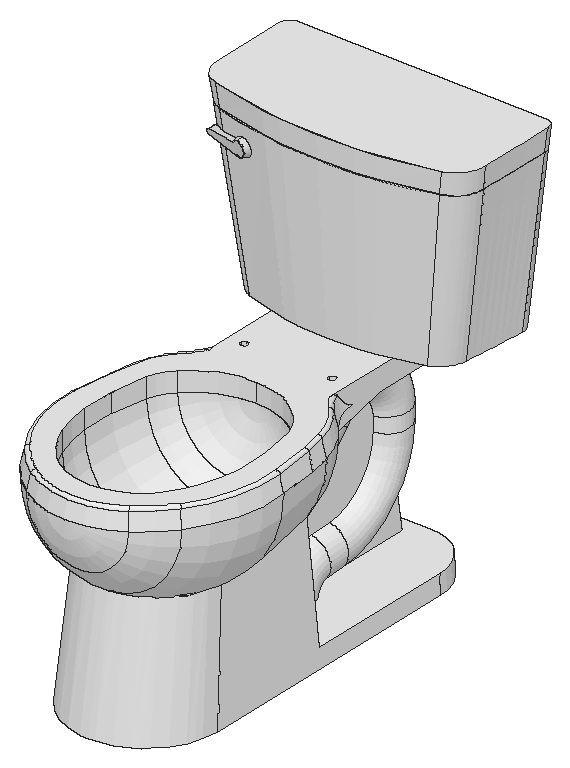
Revit family "Plumbing-Pressure-Assist-Water-Closet-Sloan-Valve-WETS-80098013_", category Plumbing Fixtures, host Face, Revit 2019
Family settings
  Host = Face
  Round Connector Dimension = Use Diameter
  Part Type = Normal
  OmniClass Number = 23.45.05.21.11.11
  OmniClass Title = Water Operated Water Closets
  Cut with Voids When Loaded = No
  Shared = No
  Room Calculation Point = No
Parameters (values of type "WETS-8009.8013")
  Width = 18 1/4"  # constant formula
  Water Closet Code = "2108009"
  Valve Pressure Drop = 0.00 psi
  Tank Code = "2108013"
  Sanitary Drain Connector Description = "Sanitary Drain Connector d2 1/8\""
  Sanitary Drain Connection Diameter = 2 1/8"  # constant formula
  Real Distance to Wall [instance] = if(Distance to Wall < 3/4", 3/4", Distance to Wall)  # 3/4"
  Waste Connection = yes
  WFU = 10
  Vent Connection = yes
  URL = "www.sloanvalve.com"
  Product data url = "https://bimobject.com/sloan_valve/product/pressure-assist-water-closets_sloan_wets-80098013"
  Product Material = Sloan Valve - Vitreous China - White
  Product Guid = ""
  Part Number = "WETS-8009.8013"
  Model = "WETS-8009.8013"
  Minimum Static Pressure = "20 PSI (138 kPa)"  # constant formula
  Maximum Static Pressure = "80 PSI (552 kPa)"  # constant formula
  Manufacturer = "Sloan Valve"  # constant formula
  Keynote = "15410"
  Height = 28 1/4"  # constant formula
  HWFU = 0
  HW Connection = yes
  Flush Rate = "1.6 gpf (6.0 Lpf)"
  Depth = 30 3/8"  # constant formula
  Cold Water Connector Description = "Cold Water Connector d1/2\""
  Cold Water Connection Diameter = 1/2"  # constant formula
  Edition number = 1
  Distance to Wall [instance] = 3/4"
  Description = "Floor-Mounted 1.6 gpf (6.0 Lpf) 12\" Rough-in Pressure-Assisted/Tank Toilet."
  Default Elevation = 0"
  CWFU = 10
  CW Connection = yes
  Assembly Code = "D2010"
  ADA Compliant [instance] = 1 = 2  # no
Reference planes
  plane 1 "Center (Front/Back)": y = 0
  plane 2: z = 0
  plane 3 "Center (Left/Right)": x = 0
  plane 4: x = -201.612
  plane 5: x = 201.613
  plane 6: y = -762.786
  plane 7: y = -19.05
  plane 8: x = -201.612
  plane 9: x = 201.613
  plane 10: y = -756.436
  plane 11: y = -12.7
Forms (mm)
  Blend 1, solid, material "Sloan Valve - Vitreous China - White" <- "Product Material"
    base sketch origin (0, 0, 0) x (1, 0, 0) y (0, 1, 0)
      loop
        arc (-34.925, -45.045) -> (-97.787, -71.084) -> (-123.825, -133.945) r 88.9
        line (-123.825, -133.945) -> (-123.825, -615.95)
        arc (-123.825, -615.95) -> (0, -739.775) -> (123.825, -615.95) r 123.825
        line (123.825, -615.95) -> (123.825, -133.945)
        arc (123.825, -133.945) -> (97.787, -71.084) -> (34.925, -45.045) r 88.9
        line (34.925, -45.045) -> (-34.925, -45.045)
    top sketch origin (0, 0, 0) x (1, 0, 0) y (0, 1, 0)
      loop
        arc (-109.537, -584.301) -> (0, -693.838) -> (109.537, -584.301) r 109.537
        line (109.537, -584.301) -> (109.537, -133.945)
        arc (109.537, -133.945) -> (83.499, -71.084) -> (20.637, -45.045) r 88.9
        line (20.637, -45.045) -> (-20.637, -45.045)
        arc (-20.637, -45.045) -> (-83.499, -71.084) -> (-109.537, -133.945) r 88.9
        line (-109.537, -133.945) -> (-109.537, -584.301)
    from 0 to 312.058
  Extrusion 2, solid, material "Sloan Valve - Vitreous China - White" <- "Product Material"
    sketch origin (0, 0, -25.4) x (0, 1, 0) y (0, 0, 1)
      loop
        line (-369.05, 348.14) -> (-241.882, 379.846) -> (-70.211, 379.846) -> (-64.931, 440.2) -> (-185.947, 440.2)
        arc (-185.947, 440.2) -> (-192.127, 425.28) -> (-207.047, 419.1) r 21.1
        line (-207.047, 419.1) -> (-369.05, 419.1) -> (-369.05, 348.14)
    from -104.047 to 104.047
  Sweep 3, solid, material "Sloan Valve - Vitreous China - White" <- "Product Material"
    path origin (0, 0, 0) x (0, 1, 0) y (0, 0, 1)
      loop
        line (-304.8, 0) -> (-304.8, 30.289)
        arc (-304.8, 30.289) -> (-293.174, 59.429) -> (-264.682, 72.564) r 42.333
        line (-264.682, 72.564) -> (-226.487, 74.566)
        arc (-226.487, 74.566) -> (-134.627, 116.914) -> (-97.145, 210.864) r 136.485
        line (-97.145, 210.864) -> (-97.145, 236.948)
        arc (-97.145, 236.948) -> (-144.28, 307.387) -> (-227.373, 290.682) r 76.2
        arc (-227.373, 290.682) -> (-233.15, 284.615) -> (-238.657, 278.301) r 192.236
        arc (-238.657, 278.301) -> (-334.604, 206.706) -> (-452.54, 186.145) r 257.901
    profile origin (0, -304.8, 15.145) x (0, -1, 0) y (1, 0, 0)
      loop
        circle (0, 0) r 38.1
  Extrusion 4, solid, material "Sloan Valve - Vitreous China - White" <- "Product Material"
    sketch origin (22.443, 0, 0) x (0, 1, 0) y (0, 0, 1)
      loop
        line (-68.2, 389.4) -> (-235.377, 389.4) -> (-261.569, 382.87) -> (-496.95, 175.082) -> (-484.132, 28.575) -> (-70.397, 28.575)
        arc (-70.397, 28.575) -> (-82.455, 126.803) -> (-68.088, 224.72) r 370.607
        arc (-68.088, 224.72) -> (-59.936, 265.377) -> (-58.507, 306.818) r 254
        arc (-58.507, 306.818) -> (-61.916, 348.278) -> (-68.2, 389.4) r 598.021
    from -28.793 to -16.093
  Extrusion 5, solid, not visible
    sketch origin (0, 0, 0) x (1, 0, 0) y (0, 0, 1)
      loop
        circle (-152.4, 254) r 6.35
    from 0 to 0.794
  Blend 6, solid, material "Sloan Valve - Vitreous China - White" <- "Product Material"
    base sketch origin (0, 0.822, 430.81) x (1, 0, 0) y (0, 1, 0)
      loop
        line (-196.16, -48.519) -> (-186.739, -156.202)
        arc (-186.739, -156.202) -> (-176.518, -182.59) -> (-153.766, -199.416) r 50.8
        arc (-153.766, -199.416) -> (0, -226.96) -> (153.766, -199.416) r 442.975
        arc (153.766, -199.416) -> (176.518, -182.59) -> (186.739, -156.202) r 50.8
        line (186.739, -156.202) -> (196.16, -48.519)
        arc (196.16, -48.519) -> (191.227, -33.989) -> (177.182, -27.809) r 19.05
        line (177.182, -27.809) -> (-177.182, -27.809)
        arc (-177.182, -27.809) -> (-191.227, -33.989) -> (-196.16, -48.519) r 19.05
    top sketch origin (0, 0.822, 430.81) x (1, 0, 0) y (0, 1, 0)
      loop
        arc (-212.725, -19.872) -> (-226.195, -25.451) -> (-231.775, -38.922) r 19.05
        line (-231.775, -38.922) -> (-231.775, -172.47)
        arc (-231.775, -172.47) -> (-221.507, -203.094) -> (-194.854, -221.338) r 50.8
        arc (-194.854, -221.338) -> (0, -248.472) -> (194.854, -221.338) r 713.209
        arc (194.854, -221.338) -> (221.507, -203.094) -> (231.775, -172.47) r 50.8
        line (231.775, -172.47) -> (231.775, -38.922)
        arc (231.775, -38.922) -> (226.195, -25.451) -> (212.725, -19.872) r 19.05
        line (212.725, -19.872) -> (-212.725, -19.872)
    from -37.11 to 286.74
  Extrusion 7, solid, material "Sloan Valve - Finish - Polished Chrome"
    sketch origin (-20.292, -269.587, 900.595) x (-0.97881, 0.203994, 0.017847) y (0, 0.087156, -0.996195)
      loop
        line (127, 257.261) -> (188.747, 261.579)
        arc (188.747, 261.579) -> (192.467, 265.466) -> (188.955, 269.542) r 4.001
        line (188.955, 269.542) -> (127, 277.149) -> (127, 257.261)
    from 0 to 12.7
  Revolve 8, solid, material "Sloan Valve - Finish - Polished Chrome"
    sketch origin (-369.854, -1316.287, 809.02) x (-0.204773, -0.975085, -0.085309) y (0, 0.087156, -0.996195)
      loop
        line (-1100.014, 265.639) -> (-1087.314, 265.639) -> (-1087.314, 277.803) -> (-1087.756, 278.482) -> (-1100.014, 282.465) -> (-1100.014, 265.639)
      axis (-1100.014, 265.639) -> (-1087.314, 265.639)
    angle from 0 to 360
  Revolve 9, solid, material "Sloan Valve - Vitreous China - White" <- "Product Material"
    sketch origin (0, -107.509, 360.363) x (1, 0, 0) y (0, 1, 0)
      loop
        line (0, -683.066) -> (0, -633.619)
        arc (0, -633.619) -> (-54.455, -620.155) -> (-96.361, -582.866) r 116.854
        arc (-96.361, -582.866) -> (-108.844, -562.27) -> (-118.928, -540.399) r 213.603
        arc (-118.928, -540.399) -> (-129.044, -507.813) -> (-134.203, -474.085) r 228.843
        arc (-134.203, -474.085) -> (-133.643, -413.542) -> (-122.68, -353.997) r 350.763
        arc (-122.68, -353.997) -> (-114.097, -332.991) -> (-100.788, -314.61) r 95.25
        arc (-100.788, -314.61) -> (-55.004, -282.028) -> (0, -270.524) r 137.251
        line (0, -270.524) -> (0, -209.239)
        arc (0, -209.239) -> (-18.194, -209.694) -> (-36.342, -211.057) r 364.157
        arc (-36.342, -211.057) -> (-122.715, -249.087) -> (-170.133, -330.684) r 152.4
        arc (-170.133, -330.684) -> (-180.229, -386.679) -> (-186.583, -443.221) r 855.912
        arc (-186.583, -443.221) -> (-178.018, -528.288) -> (-140.189, -604.962) r 240.102
        arc (-140.189, -604.962) -> (-116.352, -632.223) -> (-88.426, -655.277) r 223.457
        arc (-88.426, -655.277) -> (-46.345, -675.956) -> (0, -683.066) r 154.581
      axis (0, -209.239) -> (0, -683.066)
    angle from 0 to 180
  Extrusion 10, solid, material "Vitreous China-Sloan-White"
    sketch origin (0, -122.297, -1.685) x (1, 0, 0) y (0, 0, 1)
      loop
        arc (57.698, 221.011) -> (0.981, 212.195) -> (-56.307, 215.748) r 266.082
        line (-56.307, 215.748) -> (-39.243, 151.174)
        arc (-39.243, 151.174) -> (0, 120.954) -> (39.243, 151.174) r 40.59
        line (39.243, 151.174) -> (57.698, 221.011)
    from 346.299 to 429.496
  Blend 11, solid, material "Sloan Valve - Vitreous China - White" <- "Product Material"
    base sketch origin (0, -108.545, 375.1) x (1, 0, 0) y (0, 0, 1)
      loop
        line (25.325, -14.42) -> (-25.325, -14.42) -> (-25.325, -20.654)
        arc (-25.325, -20.654) -> (0, -45.979) -> (25.325, -20.654) r 25.325
        line (25.325, -20.654) -> (25.325, -14.42)
    top sketch origin (0, -108.545, 375.1) x (1, 0, 0) y (0, 0, 1)
      loop
        line (46.038, -14.42) -> (-46.037, -14.42) -> (-46.037, -23.887)
        arc (-46.037, -23.887) -> (0, -69.925) -> (46.038, -23.887) r 46.037
        line (46.038, -23.887) -> (46.038, -14.42)
    from 129.035 to 108.105
  Blend 12, solid, material "Sloan Valve - Vitreous China - White" <- "Product Material"
    base sketch origin (0, -108.545, 375.1) x (1, 0, 0) y (0, 0, 1)
      loop
        line (46.038, -14.42) -> (-46.037, -14.42) -> (-46.037, -23.887)
        arc (-46.037, -23.887) -> (0, -69.925) -> (46.038, -23.887) r 46.037
        line (46.038, -23.887) -> (46.038, -14.42)
    top sketch origin (0, -108.545, 375.1) x (1, 0, 0) y (0, 0, 1)
      loop
        line (46.038, -14.42) -> (-46.037, -14.42) -> (-46.037, -43.731)
        arc (-46.037, -43.731) -> (0, -89.769) -> (46.038, -43.731) r 46.038
        line (46.038, -43.731) -> (46.038, -14.42)
    from 108.105 to 38.1
  Sweep 13, solid, material "Sloan Valve - Vitreous China - White" <- "Product Material"
    path origin (0, -122.297, 0) x (0, 1, 0) y (0, 0, 1)
      loop
        arc (-352.549, 201.173) -> (-327.484, 201.16) -> (-302.744, 205.182) r 155.194
        arc (-302.744, 205.182) -> (-278.132, 217.142) -> (-260.549, 238.11) r 65.532
        arc (-260.549, 238.11) -> (-246.125, 268.805) -> (-234.718, 300.744) r 352.298
        arc (-234.718, 300.744) -> (-234.446, 301.431) -> (-234.066, 302.064) r 4.499
        arc (-234.066, 302.064) -> (-210.936, 321.963) -> (-181.277, 329.121) r 65.024
        line (-181.277, 329.121) -> (-115.283, 329.121)
    profile origin (0, -270.577, 329.121) x (0, 0, 1) y (1, 0, 0)
      loop
        line (25.325, -25.325) -> (25.325, 25.325)
        arc (25.325, 25.325) -> (0, 0) -> (25.325, -25.325) r 25.325
  Sweep 14, solid, material "Sloan Valve - Vitreous China - White" <- "Product Material"
    path origin (0, 0, 0) x (1, 0, 0) y (0, 1, 0)
      loop
        line (-104.047, -185.947) -> (-104.047, -295.646)
        arc (-104.047, -295.646) -> (-111.251, -333.222) -> (-131.841, -365.47) r 101.6
        arc (-131.841, -365.47) -> (-155.982, -399.201) -> (-170.133, -438.192) r 152.4
        arc (-170.133, -438.192) -> (-174.125, -457.895) -> (-177.652, -477.686) r 855.912
        arc (-177.652, -477.686) -> (-182.903, -514.112) -> (-186.583, -550.729) r 855.912
        arc (-186.583, -550.729) -> (-178.018, -635.797) -> (-140.189, -712.47) r 240.102
        arc (-140.189, -712.47) -> (-116.352, -739.732) -> (-88.426, -762.786) r 223.457
        arc (-88.426, -762.786) -> (0, -790.575) -> (88.426, -762.786) r 154.581
        arc (88.426, -762.786) -> (116.352, -739.732) -> (140.189, -712.47) r 223.457
        arc (140.189, -712.47) -> (178.018, -635.797) -> (186.583, -550.729) r 240.102
        arc (186.583, -550.729) -> (182.903, -514.112) -> (177.652, -477.686) r 855.912
        arc (177.652, -477.686) -> (174.125, -457.895) -> (170.133, -438.192) r 855.912
        arc (170.133, -438.192) -> (155.982, -399.201) -> (131.841, -365.47) r 152.4
        arc (131.841, -365.47) -> (111.251, -333.222) -> (104.047, -295.646) r 101.6
        line (104.047, -295.646) -> (104.047, -185.947)
    profile origin (0, -790.575, 0) x (0, 1, 0) y (0, 0, 1)
      loop
        line (0, 360.362) -> (18.191, 360.362) -> (18.191, 393.7) -> (12.748, 393.7)
        arc (12.748, 393.7) -> (8.795, 392.32) -> (6.56, 388.778) r 6.35
        line (6.56, 388.778) -> (0, 360.362)
  Extrusion 15, void
    sketch origin (0, 0, 0) x (1, 0, 0) y (0, 1, 0)
      loop
        arc (118.928, -647.907) -> (129.044, -615.321) -> (134.203, -581.593) r 228.843
        arc (134.203, -581.593) -> (135.243, -552.98) -> (133.946, -524.377) r 350.763
        arc (133.946, -524.377) -> (129.747, -492.684) -> (122.68, -461.506) r 350.763
        arc (122.68, -461.506) -> (114.097, -440.499) -> (100.788, -422.119) r 95.25
        arc (100.788, -422.119) -> (55.004, -389.536) -> (0, -378.032) r 137.251
        arc (0, -378.032) -> (-55.004, -389.536) -> (-100.788, -422.119) r 137.251
        arc (-100.788, -422.119) -> (-114.097, -440.499) -> (-122.68, -461.506) r 95.25
        arc (-122.68, -461.506) -> (-129.747, -492.684) -> (-133.946, -524.377) r 350.763
        arc (-133.946, -524.377) -> (-135.243, -552.98) -> (-134.203, -581.593) r 350.763
        arc (-134.203, -581.593) -> (-129.044, -615.321) -> (-118.928, -647.907) r 228.843
        arc (-118.928, -647.907) -> (-108.844, -669.778) -> (-96.361, -690.375) r 213.603
        arc (-96.361, -690.375) -> (-54.455, -727.664) -> (0, -741.127) r 116.854
        arc (0, -741.127) -> (54.455, -727.664) -> (96.361, -690.375) r 116.854
        arc (96.361, -690.375) -> (108.844, -669.778) -> (118.928, -647.907) r 213.603
    from 360.362 to 393.7
  Extrusion 16, solid, material "Sloan Valve - Vitreous China - White" <- "Product Material"
    sketch origin (0, 0, 0) x (1, 0, 0) y (0, 1, 0)
      loop
        arc (-168.448, -552.159) -> (-160.532, -630.781) -> (-125.569, -701.646) r 221.912
        arc (-125.569, -701.646) -> (-103.673, -726.688) -> (-78.02, -747.865) r 205.266
        arc (-78.02, -747.865) -> (0, -772.384) -> (78.02, -747.865) r 136.39
        arc (78.02, -747.865) -> (103.673, -726.688) -> (125.569, -701.646) r 205.266
        arc (125.569, -701.646) -> (160.532, -630.781) -> (168.448, -552.159) r 221.912
        arc (168.448, -552.159) -> (164.847, -516.319) -> (159.708, -480.668) r 837.721
        arc (159.708, -480.668) -> (156.255, -461.297) -> (152.348, -442.013) r 837.721
        arc (152.348, -442.013) -> (139.886, -407.676) -> (118.627, -377.971) r 134.209
        arc (118.627, -377.971) -> (110.867, -368.903) -> (104.047, -359.107) r 119.791
        line (104.047, -359.107) -> (104.047, -369.05) -> (-104.047, -369.05) -> (-104.047, -359.107)
        arc (-104.047, -359.107) -> (-110.867, -368.903) -> (-118.627, -377.971) r 119.791
        arc (-118.627, -377.971) -> (-139.886, -407.676) -> (-152.348, -442.013) r 134.209
        arc (-152.348, -442.013) -> (-156.255, -461.297) -> (-159.708, -480.668) r 837.721
        arc (-159.708, -480.668) -> (-164.847, -516.319) -> (-168.448, -552.159) r 837.721
    from 360.362 to 393.7
  Extrusion 17, void
    sketch origin (0, 0, 0) x (0, 1, 0) y (0, 0, 1)
      loop
        line (-419.1, 368.114) -> (-395.566, 31.564) -> (-10.202, 31.564) -> (-10.202, 368.114) -> (-419.1, 368.114)
    from -219.74 to 304.8
  Revolve 18, void
    sketch origin (0, -107.509, 360.363) x (1, 0, 0) y (0, 1, 0)
      loop
        line (0, -639.969) -> (0, -264.174)
        arc (0, -264.174) -> (-57.549, -276.21) -> (-105.451, -310.3) r 143.601
        arc (-105.451, -310.3) -> (-119.647, -329.906) -> (-128.802, -352.313) r 101.6
        arc (-128.802, -352.313) -> (-139.964, -412.935) -> (-140.534, -474.574) r 357.113
        arc (-140.534, -474.574) -> (-135.232, -509.238) -> (-124.835, -542.728) r 235.193
        arc (-124.835, -542.728) -> (-114.451, -565.249) -> (-101.598, -586.458) r 219.953
        arc (-101.598, -586.458) -> (-57.414, -625.773) -> (0, -639.969) r 123.204
      axis (0, -264.174) -> (0, -639.969)
    angle from 0 to 180
  Extrusion 19, void
    sketch origin (0, 0, 0) x (1, 0, 0) y (0, 1, 0)
      loop
        arc (-212.725, -19.05) -> (-226.195, -24.63) -> (-231.775, -38.1) r 19.05
        line (-231.775, -38.1) -> (-231.775, -171.649)
        arc (-231.775, -171.649) -> (-221.507, -202.272) -> (-194.854, -220.516) r 50.8
        arc (-194.854, -220.516) -> (0, -247.65) -> (194.854, -220.516) r 713.209
        arc (194.854, -220.516) -> (221.507, -202.272) -> (231.775, -171.649) r 50.8
        line (231.775, -171.649) -> (231.775, -38.1)
        arc (231.775, -38.1) -> (226.195, -24.63) -> (212.725, -19.05) r 19.05
        line (212.725, -19.05) -> (-212.725, -19.05)
      loop
        line (-225.425, -38.1) -> (-225.425, -171.649)
        arc (-225.425, -171.649) -> (-216.441, -198.444) -> (-193.119, -214.408) r 44.45
        arc (-193.119, -214.408) -> (0, -241.3) -> (193.119, -214.408) r 706.859
        arc (193.119, -214.408) -> (216.441, -198.444) -> (225.425, -171.649) r 44.45
        line (225.425, -171.649) -> (225.425, -38.1)
        arc (225.425, -38.1) -> (221.705, -29.12) -> (212.725, -25.4) r 12.7
        line (212.725, -25.4) -> (-212.725, -25.4)
        arc (-212.725, -25.4) -> (-221.705, -29.12) -> (-225.425, -38.1) r 12.7
    from 678.093 to 679.681
  Extrusion 20, void
    sketch origin (0, 0, 0) x (1, 0, 0) y (0, 1, 0)
      loop
        circle (-76.2, -307.975) r 6.35
      loop
        circle (76.2, -307.975) r 6.35
    from 341.312 to 499.954
  Blend 21, solid, material "Sloan Valve - Vitreous China - White" <- "Product Material", not visible
    base sketch origin (0, 6.35, 0) x (1, 0, 0) y (0, 1, 0)
      loop
        arc (-34.925, -45.045) -> (-97.787, -71.084) -> (-123.825, -133.945) r 88.9
        line (-123.825, -133.945) -> (-123.825, -615.95)
        arc (-123.825, -615.95) -> (0, -739.775) -> (123.825, -615.95) r 123.825
        line (123.825, -615.95) -> (123.825, -133.945)
        arc (123.825, -133.945) -> (97.787, -71.084) -> (34.925, -45.045) r 88.9
        line (34.925, -45.045) -> (-34.925, -45.045)
    top sketch origin (0, 6.35, 0) x (1, 0, 0) y (0, 1, 0)
      loop
        arc (-109.537, -584.301) -> (0, -693.838) -> (109.537, -584.301) r 109.537
        line (109.537, -584.301) -> (109.537, -133.945)
        arc (109.537, -133.945) -> (83.499, -71.084) -> (20.637, -45.045) r 88.9
        line (20.637, -45.045) -> (-20.637, -45.045)
        arc (-20.637, -45.045) -> (-83.499, -71.084) -> (-109.537, -133.945) r 88.9
        line (-109.537, -133.945) -> (-109.537, -584.301)
    from 0 to 312.058
  Extrusion 22, solid, material "Sloan Valve - Vitreous China - White" <- "Product Material", not visible
    sketch origin (0, 6.35, -25.4) x (0, 1, 0) y (0, 0, 1)
      loop
        line (-369.05, 348.14) -> (-241.882, 379.846) -> (-70.211, 379.846) -> (-64.931, 440.2) -> (-185.947, 440.2)
        arc (-185.947, 440.2) -> (-192.127, 425.28) -> (-207.047, 419.1) r 21.1
        line (-207.047, 419.1) -> (-369.05, 419.1) -> (-369.05, 348.14)
    from -104.047 to 104.047
  Sweep 23, solid, material "Sloan Valve - Vitreous China - White" <- "Product Material", not visible
    path origin (0, 6.35, 0) x (0, 1, 0) y (0, 0, 1)
      loop
        line (-304.8, 0) -> (-304.8, 30.289)
        arc (-304.8, 30.289) -> (-293.174, 59.429) -> (-264.682, 72.564) r 42.333
        line (-264.682, 72.564) -> (-226.487, 74.566)
        arc (-226.487, 74.566) -> (-134.627, 116.914) -> (-97.145, 210.864) r 136.485
        line (-97.145, 210.864) -> (-97.145, 236.948)
        arc (-97.145, 236.948) -> (-144.28, 307.387) -> (-227.373, 290.682) r 76.2
        arc (-227.373, 290.682) -> (-233.15, 284.615) -> (-238.657, 278.301) r 192.236
        arc (-238.657, 278.301) -> (-334.604, 206.706) -> (-452.54, 186.145) r 257.901
    profile origin (0, -298.45, 15.145) x (0, -1, 0) y (1, 0, 0)
      loop
        circle (0, 0) r 38.1
  Extrusion 24, solid, material "Sloan Valve - Vitreous China - White" <- "Product Material", not visible
    sketch origin (22.443, 6.35, 0) x (0, 1, 0) y (0, 0, 1)
      loop
        line (-68.2, 389.4) -> (-235.377, 389.4) -> (-261.569, 382.87) -> (-496.95, 175.082) -> (-484.132, 28.575) -> (-70.397, 28.575)
        arc (-70.397, 28.575) -> (-82.455, 126.803) -> (-68.088, 224.72) r 370.607
        arc (-68.088, 224.72) -> (-59.936, 265.377) -> (-58.507, 306.818) r 254
        arc (-58.507, 306.818) -> (-61.916, 348.278) -> (-68.2, 389.4) r 598.021
    from -28.793 to -16.093
  Blend 25, solid, material "Sloan Valve - Vitreous China - White" <- "Product Material", not visible
    base sketch origin (0, 7.172, 430.81) x (1, 0, 0) y (0, 1, 0)
      loop
        line (-196.16, -48.519) -> (-186.739, -156.202)
        arc (-186.739, -156.202) -> (-176.518, -182.59) -> (-153.766, -199.416) r 50.8
        arc (-153.766, -199.416) -> (0, -226.96) -> (153.766, -199.416) r 442.975
        arc (153.766, -199.416) -> (176.518, -182.59) -> (186.739, -156.202) r 50.8
        line (186.739, -156.202) -> (196.16, -48.519)
        arc (196.16, -48.519) -> (191.227, -33.989) -> (177.182, -27.809) r 19.05
        line (177.182, -27.809) -> (-177.182, -27.809)
        arc (-177.182, -27.809) -> (-191.227, -33.989) -> (-196.16, -48.519) r 19.05
    top sketch origin (0, 7.172, 430.81) x (1, 0, 0) y (0, 1, 0)
      loop
        arc (-212.725, -19.872) -> (-226.195, -25.451) -> (-231.775, -38.922) r 19.05
        line (-231.775, -38.922) -> (-231.775, -172.47)
        arc (-231.775, -172.47) -> (-221.507, -203.094) -> (-194.854, -221.338) r 50.8
        arc (-194.854, -221.338) -> (0, -248.472) -> (194.854, -221.338) r 713.209
        arc (194.854, -221.338) -> (221.507, -203.094) -> (231.775, -172.47) r 50.8
        line (231.775, -172.47) -> (231.775, -38.922)
        arc (231.775, -38.922) -> (226.195, -25.451) -> (212.725, -19.872) r 19.05
        line (212.725, -19.872) -> (-212.725, -19.872)
    from -37.11 to 286.74
  Extrusion 26, solid, material "Sloan Valve - Finish - Polished Chrome", not visible
    sketch origin (-20.292, -263.237, 900.595) x (-0.97881, 0.203994, 0.017847) y (0, 0.087156, -0.996195)
      loop
        line (127, 257.261) -> (188.747, 261.579)
        arc (188.747, 261.579) -> (192.467, 265.466) -> (188.955, 269.542) r 4.001
        line (188.955, 269.542) -> (127, 277.149) -> (127, 257.261)
    from 0 to 12.7
  Revolve 27, solid, material "Sloan Valve - Finish - Polished Chrome", not visible
    sketch origin (-369.854, -1309.937, 809.02) x (-0.204773, -0.975085, -0.085309) y (0, 0.087156, -0.996195)
      loop
        line (-1100.014, 265.639) -> (-1087.314, 265.639) -> (-1087.314, 277.803) -> (-1087.756, 278.482) -> (-1100.014, 282.465) -> (-1100.014, 265.639)
      axis (-1100.014, 265.639) -> (-1087.314, 265.639)
    angle from 0 to 360
  Revolve 28, solid, material "Sloan Valve - Vitreous China - White" <- "Product Material", not visible
    sketch origin (0, -101.159, 360.363) x (1, 0, 0) y (0, 1, 0)
      loop
        line (0, -683.066) -> (0, -633.619)
        arc (0, -633.619) -> (-54.455, -620.155) -> (-96.361, -582.866) r 116.854
        arc (-96.361, -582.866) -> (-108.844, -562.27) -> (-118.928, -540.399) r 213.603
        arc (-118.928, -540.399) -> (-129.044, -507.813) -> (-134.203, -474.085) r 228.843
        arc (-134.203, -474.085) -> (-133.643, -413.542) -> (-122.68, -353.997) r 350.763
        arc (-122.68, -353.997) -> (-114.097, -332.991) -> (-100.788, -314.61) r 95.25
        arc (-100.788, -314.61) -> (-55.004, -282.028) -> (0, -270.524) r 137.251
        line (0, -270.524) -> (0, -209.239)
        arc (0, -209.239) -> (-18.194, -209.694) -> (-36.342, -211.057) r 364.157
        arc (-36.342, -211.057) -> (-122.715, -249.087) -> (-170.133, -330.684) r 152.4
        arc (-170.133, -330.684) -> (-180.229, -386.679) -> (-186.583, -443.221) r 855.912
        arc (-186.583, -443.221) -> (-178.018, -528.288) -> (-140.189, -604.962) r 240.102
        arc (-140.189, -604.962) -> (-116.352, -632.223) -> (-88.426, -655.277) r 223.457
        arc (-88.426, -655.277) -> (-46.345, -675.956) -> (0, -683.066) r 154.581
      axis (0, -209.239) -> (0, -683.066)
    angle from 0 to 180
  Extrusion 29, solid, material "Vitreous China-Sloan-White", not visible
    sketch origin (0, -115.947, -1.685) x (1, 0, 0) y (0, 0, 1)
      loop
        arc (57.698, 221.011) -> (0.981, 212.195) -> (-56.307, 215.748) r 266.082
        line (-56.307, 215.748) -> (-39.243, 151.174)
        arc (-39.243, 151.174) -> (0, 120.954) -> (39.243, 151.174) r 40.59
        line (39.243, 151.174) -> (57.698, 221.011)
    from 346.299 to 429.496
  Blend 30, solid, material "Sloan Valve - Vitreous China - White" <- "Product Material", not visible
    base sketch origin (0, -102.195, 375.1) x (1, 0, 0) y (0, 0, 1)
      loop
        line (25.325, -14.42) -> (-25.325, -14.42) -> (-25.325, -20.654)
        arc (-25.325, -20.654) -> (0, -45.979) -> (25.325, -20.654) r 25.325
        line (25.325, -20.654) -> (25.325, -14.42)
    top sketch origin (0, -102.195, 375.1) x (1, 0, 0) y (0, 0, 1)
      loop
        line (46.038, -14.42) -> (-46.037, -14.42) -> (-46.037, -23.887)
        arc (-46.037, -23.887) -> (0, -69.925) -> (46.038, -23.887) r 46.037
        line (46.038, -23.887) -> (46.038, -14.42)
    from 129.035 to 108.105
  Blend 31, solid, material "Sloan Valve - Vitreous China - White" <- "Product Material", not visible
    base sketch origin (0, -102.195, 375.1) x (1, 0, 0) y (0, 0, 1)
      loop
        line (46.038, -14.42) -> (-46.037, -14.42) -> (-46.037, -23.887)
        arc (-46.037, -23.887) -> (0, -69.925) -> (46.038, -23.887) r 46.037
        line (46.038, -23.887) -> (46.038, -14.42)
    top sketch origin (0, -102.195, 375.1) x (1, 0, 0) y (0, 0, 1)
      loop
        line (46.038, -14.42) -> (-46.037, -14.42) -> (-46.037, -43.731)
        arc (-46.037, -43.731) -> (0, -89.769) -> (46.038, -43.731) r 46.038
        line (46.038, -43.731) -> (46.038, -14.42)
    from 108.105 to 38.1
  Sweep 32, solid, material "Sloan Valve - Vitreous China - White" <- "Product Material", not visible
    path origin (0, -115.947, 0) x (0, 1, 0) y (0, 0, 1)
      loop
        arc (-352.549, 201.173) -> (-327.484, 201.16) -> (-302.744, 205.182) r 155.194
        arc (-302.744, 205.182) -> (-278.132, 217.142) -> (-260.549, 238.11) r 65.532
        arc (-260.549, 238.11) -> (-246.125, 268.805) -> (-234.718, 300.744) r 352.298
        arc (-234.718, 300.744) -> (-234.446, 301.431) -> (-234.066, 302.064) r 4.499
        arc (-234.066, 302.064) -> (-210.936, 321.963) -> (-181.277, 329.121) r 65.024
        line (-181.277, 329.121) -> (-115.283, 329.121)
    profile origin (0, -264.227, 329.121) x (0, 0, 1) y (1, 0, 0)
      loop
        line (25.325, -25.325) -> (25.325, 25.325)
        arc (25.325, 25.325) -> (0, 0) -> (25.325, -25.325) r 25.325
  Sweep 33, solid, material "Sloan Valve - Vitreous China - White" <- "Product Material", not visible
    path origin (0, 6.35, 0) x (1, 0, 0) y (0, 1, 0)
      loop
        line (-104.047, -185.947) -> (-104.047, -295.646)
        arc (-104.047, -295.646) -> (-111.251, -333.222) -> (-131.841, -365.47) r 101.6
        arc (-131.841, -365.47) -> (-155.982, -399.201) -> (-170.133, -438.192) r 152.4
        arc (-170.133, -438.192) -> (-174.125, -457.895) -> (-177.652, -477.686) r 855.912
        arc (-177.652, -477.686) -> (-182.903, -514.112) -> (-186.583, -550.729) r 855.912
        arc (-186.583, -550.729) -> (-178.018, -635.797) -> (-140.189, -712.47) r 240.102
        arc (-140.189, -712.47) -> (-116.352, -739.732) -> (-88.426, -762.786) r 223.457
        arc (-88.426, -762.786) -> (0, -790.575) -> (88.426, -762.786) r 154.581
        arc (88.426, -762.786) -> (116.352, -739.732) -> (140.189, -712.47) r 223.457
        arc (140.189, -712.47) -> (178.018, -635.797) -> (186.583, -550.729) r 240.102
        arc (186.583, -550.729) -> (182.903, -514.112) -> (177.652, -477.686) r 855.912
        arc (177.652, -477.686) -> (174.125, -457.895) -> (170.133, -438.192) r 855.912
        arc (170.133, -438.192) -> (155.982, -399.201) -> (131.841, -365.47) r 152.4
        arc (131.841, -365.47) -> (111.251, -333.222) -> (104.047, -295.646) r 101.6
        line (104.047, -295.646) -> (104.047, -185.947)
    profile origin (0, -784.225, 0) x (0, 1, 0) y (0, 0, 1)
      loop
        line (0, 360.362) -> (18.191, 360.362) -> (18.191, 393.7) -> (12.748, 393.7)
        arc (12.748, 393.7) -> (8.795, 392.32) -> (6.56, 388.778) r 6.35
        line (6.56, 388.778) -> (0, 360.362)
  Extrusion 34, void, not visible
    sketch origin (0, 6.35, 0) x (1, 0, 0) y (0, 1, 0)
      loop
        arc (118.928, -647.907) -> (129.044, -615.321) -> (134.203, -581.593) r 228.843
        arc (134.203, -581.593) -> (135.243, -552.98) -> (133.946, -524.377) r 350.763
        arc (133.946, -524.377) -> (129.747, -492.684) -> (122.68, -461.506) r 350.763
        arc (122.68, -461.506) -> (114.097, -440.499) -> (100.788, -422.119) r 95.25
        arc (100.788, -422.119) -> (55.004, -389.536) -> (0, -378.032) r 137.251
        arc (0, -378.032) -> (-55.004, -389.536) -> (-100.788, -422.119) r 137.251
        arc (-100.788, -422.119) -> (-114.097, -440.499) -> (-122.68, -461.506) r 95.25
        arc (-122.68, -461.506) -> (-129.747, -492.684) -> (-133.946, -524.377) r 350.763
        arc (-133.946, -524.377) -> (-135.243, -552.98) -> (-134.203, -581.593) r 350.763
        arc (-134.203, -581.593) -> (-129.044, -615.321) -> (-118.928, -647.907) r 228.843
        arc (-118.928, -647.907) -> (-108.844, -669.778) -> (-96.361, -690.375) r 213.603
        arc (-96.361, -690.375) -> (-54.455, -727.664) -> (0, -741.127) r 116.854
        arc (0, -741.127) -> (54.455, -727.664) -> (96.361, -690.375) r 116.854
        arc (96.361, -690.375) -> (108.844, -669.778) -> (118.928, -647.907) r 213.603
    from 360.362 to 393.7
  Extrusion 35, solid, material "Sloan Valve - Vitreous China - White" <- "Product Material", not visible
    sketch origin (0, 6.35, 0) x (1, 0, 0) y (0, 1, 0)
      loop
        arc (-168.448, -552.159) -> (-160.532, -630.781) -> (-125.569, -701.646) r 221.912
        arc (-125.569, -701.646) -> (-103.673, -726.688) -> (-78.02, -747.865) r 205.266
        arc (-78.02, -747.865) -> (0, -772.384) -> (78.02, -747.865) r 136.39
        arc (78.02, -747.865) -> (103.673, -726.688) -> (125.569, -701.646) r 205.266
        arc (125.569, -701.646) -> (160.532, -630.781) -> (168.448, -552.159) r 221.912
        arc (168.448, -552.159) -> (164.847, -516.319) -> (159.708, -480.668) r 837.721
        arc (159.708, -480.668) -> (156.255, -461.297) -> (152.348, -442.013) r 837.721
        arc (152.348, -442.013) -> (139.886, -407.676) -> (118.627, -377.971) r 134.209
        arc (118.627, -377.971) -> (110.867, -368.903) -> (104.047, -359.107) r 119.791
        line (104.047, -359.107) -> (104.047, -369.05) -> (-104.047, -369.05) -> (-104.047, -359.107)
        arc (-104.047, -359.107) -> (-110.867, -368.903) -> (-118.627, -377.971) r 119.791
        arc (-118.627, -377.971) -> (-139.886, -407.676) -> (-152.348, -442.013) r 134.209
        arc (-152.348, -442.013) -> (-156.255, -461.297) -> (-159.708, -480.668) r 837.721
        arc (-159.708, -480.668) -> (-164.847, -516.319) -> (-168.448, -552.159) r 837.721
    from 360.362 to 393.7
  Extrusion 36, void, not visible
    sketch origin (0, 6.35, 0) x (0, 1, 0) y (0, 0, 1)
      loop
        line (-419.1, 368.114) -> (-395.566, 31.564) -> (-10.202, 31.564) -> (-10.202, 368.114) -> (-419.1, 368.114)
    from -219.74 to 304.8
  Revolve 37, void, not visible
    sketch origin (0, -101.159, 360.363) x (1, 0, 0) y (0, 1, 0)
      loop
        line (0, -639.969) -> (0, -264.174)
        arc (0, -264.174) -> (-57.549, -276.21) -> (-105.451, -310.3) r 143.601
        arc (-105.451, -310.3) -> (-119.647, -329.906) -> (-128.802, -352.313) r 101.6
        arc (-128.802, -352.313) -> (-139.964, -412.935) -> (-140.534, -474.574) r 357.113
        arc (-140.534, -474.574) -> (-135.232, -509.238) -> (-124.835, -542.728) r 235.193
        arc (-124.835, -542.728) -> (-114.451, -565.249) -> (-101.598, -586.458) r 219.953
        arc (-101.598, -586.458) -> (-57.414, -625.773) -> (0, -639.969) r 123.204
      axis (0, -264.174) -> (0, -639.969)
    angle from 0 to 180
  Extrusion 38, void, not visible
    sketch origin (0, 6.35, 0) x (1, 0, 0) y (0, 1, 0)
      loop
        arc (-212.725, -19.05) -> (-226.195, -24.63) -> (-231.775, -38.1) r 19.05
        line (-231.775, -38.1) -> (-231.775, -171.649)
        arc (-231.775, -171.649) -> (-221.507, -202.272) -> (-194.854, -220.516) r 50.8
        arc (-194.854, -220.516) -> (0, -247.65) -> (194.854, -220.516) r 713.209
        arc (194.854, -220.516) -> (221.507, -202.272) -> (231.775, -171.649) r 50.8
        line (231.775, -171.649) -> (231.775, -38.1)
        arc (231.775, -38.1) -> (226.195, -24.63) -> (212.725, -19.05) r 19.05
        line (212.725, -19.05) -> (-212.725, -19.05)
      loop
        line (-225.425, -38.1) -> (-225.425, -171.649)
        arc (-225.425, -171.649) -> (-216.441, -198.444) -> (-193.119, -214.408) r 44.45
        arc (-193.119, -214.408) -> (0, -241.3) -> (193.119, -214.408) r 706.859
        arc (193.119, -214.408) -> (216.441, -198.444) -> (225.425, -171.649) r 44.45
        line (225.425, -171.649) -> (225.425, -38.1)
        arc (225.425, -38.1) -> (221.705, -29.12) -> (212.725, -25.4) r 12.7
        line (212.725, -25.4) -> (-212.725, -25.4)
        arc (-212.725, -25.4) -> (-221.705, -29.12) -> (-225.425, -38.1) r 12.7
    from 678.093 to 679.681
  Extrusion 39, void, not visible
    sketch origin (0, 6.35, 0) x (1, 0, 0) y (0, 1, 0)
      loop
        circle (-76.2, -307.975) r 6.35
      loop
        circle (76.2, -307.975) r 6.35
    from 341.312 to 499.954
Cuts and joins
  Extrusion 17, Revolve 18 cuts Blend 1
  Extrusion 20 cuts Extrusion 2
  Extrusion 15 cuts Extrusion 16
  joined: Extrusion 2, Sweep 14, Extrusion 16
  joined: Extrusion 7, Revolve 8
  Extrusion 19 cuts Blend 6
Lines and regions (mm)
  Masking region 1
    outline origin (0, 0, 0) x (1, 0, 0) y (0, 1, 0)
      loop
        line (212.725, -19.05) -> (-212.725, -19.05)
        arc (-212.725, -19.05) -> (-226.195, -24.63) -> (-231.775, -38.1) r 19.05
        line (-231.775, -38.1) -> (-231.775, -171.649)
        arc (-231.775, -171.649) -> (-221.507, -202.272) -> (-194.854, -220.516) r 50.8
        arc (-194.854, -220.516) -> (-159.548, -229.575) -> (-123.825, -236.819) r 713.209
        line (-123.825, -236.819) -> (-123.825, -355.877)
        arc (-123.825, -355.877) -> (-127.686, -360.797) -> (-131.841, -365.47) r 101.6
        arc (-131.841, -365.47) -> (-155.982, -399.201) -> (-170.133, -438.192) r 152.4
        arc (-170.133, -438.192) -> (-174.125, -457.895) -> (-177.652, -477.686) r 855.912
        arc (-177.652, -477.686) -> (-182.903, -514.112) -> (-186.583, -550.729) r 855.912
        arc (-186.583, -550.729) -> (-178.018, -635.797) -> (-140.189, -712.47) r 240.102
        arc (-140.189, -712.47) -> (-116.352, -739.732) -> (-88.426, -762.786) r 223.457
        arc (-88.426, -762.786) -> (0, -790.575) -> (88.426, -762.786) r 154.581
        arc (88.426, -762.786) -> (116.352, -739.732) -> (140.189, -712.47) r 223.457
        arc (140.189, -712.47) -> (178.018, -635.797) -> (186.583, -550.729) r 240.102
        arc (186.583, -550.729) -> (182.903, -514.112) -> (177.652, -477.686) r 855.912
        arc (177.652, -477.686) -> (174.125, -457.895) -> (170.133, -438.192) r 855.912
        arc (170.133, -438.192) -> (155.982, -399.201) -> (131.841, -365.47) r 152.4
        arc (131.841, -365.47) -> (127.686, -360.797) -> (123.825, -355.877) r 101.6
        line (123.825, -355.877) -> (123.825, -236.819)
        arc (123.825, -236.819) -> (159.548, -229.575) -> (194.854, -220.516) r 713.209
        arc (194.854, -220.516) -> (221.507, -202.272) -> (231.775, -171.649) r 50.8
        line (231.775, -171.649) -> (231.775, -38.1)
        arc (231.775, -38.1) -> (226.195, -24.63) -> (212.725, -19.05) r 19.05
  Masking region 2, not visible
    outline origin (0, -2124.178, 0) x (1, 0, 0) y (0, 1, 0)
      loop
        line (212.725, -19.05) -> (-212.725, -19.05)
        arc (-212.725, -19.05) -> (-226.195, -24.63) -> (-231.775, -38.1) r 19.05
        line (-231.775, -38.1) -> (-231.775, -171.649)
        arc (-231.775, -171.649) -> (-221.507, -202.272) -> (-194.854, -220.516) r 50.8
        arc (-194.854, -220.516) -> (-159.548, -229.575) -> (-123.825, -236.819) r 713.209
        line (-123.825, -236.819) -> (-123.825, -355.877)
        arc (-123.825, -355.877) -> (-127.686, -360.797) -> (-131.841, -365.47) r 101.6
        arc (-131.841, -365.47) -> (-155.982, -399.201) -> (-170.133, -438.192) r 152.4
        arc (-170.133, -438.192) -> (-174.125, -457.895) -> (-177.652, -477.686) r 855.912
        arc (-177.652, -477.686) -> (-182.903, -514.112) -> (-186.583, -550.729) r 855.912
        arc (-186.583, -550.729) -> (-178.018, -635.797) -> (-140.189, -712.47) r 240.102
        arc (-140.189, -712.47) -> (-116.352, -739.732) -> (-88.426, -762.786) r 223.457
        arc (-88.426, -762.786) -> (0, -790.575) -> (88.426, -762.786) r 154.581
        arc (88.426, -762.786) -> (116.352, -739.732) -> (140.189, -712.47) r 223.457
        arc (140.189, -712.47) -> (178.018, -635.797) -> (186.583, -550.729) r 240.102
        arc (186.583, -550.729) -> (182.903, -514.112) -> (177.652, -477.686) r 855.912
        arc (177.652, -477.686) -> (174.125, -457.895) -> (170.133, -438.192) r 855.912
        arc (170.133, -438.192) -> (155.982, -399.201) -> (131.841, -365.47) r 152.4
        arc (131.841, -365.47) -> (127.686, -360.797) -> (123.825, -355.877) r 101.6
        line (123.825, -355.877) -> (123.825, -236.819)
        arc (123.825, -236.819) -> (159.548, -229.575) -> (194.854, -220.516) r 713.209
        arc (194.854, -220.516) -> (221.507, -202.272) -> (231.775, -171.649) r 50.8
        line (231.775, -171.649) -> (231.775, -38.1)
        arc (231.775, -38.1) -> (226.195, -24.63) -> (212.725, -19.05) r 19.05
  symbolic lines, detail levels medium+fine
    curve 1: arc (-123.825, -236.819, 0) -> (0, -247.65, 0) -> (123.825, -236.819, 0) r 713.209
  symbolic lines, detail levels fine
    curve 2: arc (-100.788, -422.119, 0) -> (-55.004, -389.536, 0) -> (0, -378.032, 0) r 137.251
    curve 3: arc (0, -378.032, 0) -> (55.004, -389.536, 0) -> (100.788, -422.119, 0) r 137.251
    curve 4: arc (100.788, -422.119, 0) -> (114.097, -440.499, 0) -> (122.68, -461.506, 0) r 95.25
    curve 5: arc (122.68, -461.506, 0) -> (129.747, -492.684, 0) -> (133.946, -524.377, 0) r 350.763
    curve 6: arc (133.946, -524.377, 0) -> (135.243, -552.98, 0) -> (134.203, -581.593, 0) r 350.763
    curve 7: arc (134.203, -581.593, 0) -> (129.044, -615.321, 0) -> (118.928, -647.907, 0) r 228.843
    curve 8: arc (118.928, -647.907, 0) -> (108.844, -669.778, 0) -> (96.361, -690.375, 0) r 213.603
    curve 9: arc (96.361, -690.375, 0) -> (54.455, -727.664, 0) -> (0, -741.127, 0) r 116.854
    curve 10: arc (0, -741.127, 0) -> (-54.455, -727.664, 0) -> (-96.361, -690.375, 0) r 116.854
    curve 11: arc (-96.361, -690.375, 0) -> (-108.844, -669.778, 0) -> (-118.928, -647.907, 0) r 213.603
    curve 12: arc (-118.928, -647.907, 0) -> (-129.044, -615.321, 0) -> (-134.203, -581.593, 0) r 228.843
    curve 13: arc (-134.203, -581.593, 0) -> (-135.243, -552.98, 0) -> (-133.946, -524.377, 0) r 350.763
    curve 14: arc (-133.946, -524.377, 0) -> (-129.747, -492.684, 0) -> (-122.68, -461.506, 0) r 350.763
    curve 15: arc (-122.68, -461.506, 0) -> (-114.097, -440.499, 0) -> (-100.788, -422.119, 0) r 95.25
    curve 16: circle (-76.2, -307.975, 0) r 6.35 normal (0, 0, 1)
    curve 17: circle (76.2, -307.975, 0) r 6.35 normal (0, 0, 1)
  symbolic lines, not visible, detail levels medium+fine
    curve 18: arc (-123.825, -2360.996, 0) -> (0, -2371.828, 0) -> (123.825, -2360.996, 0) r 713.209
  symbolic lines, not visible, detail levels fine
    curve 19: arc (-100.788, -2546.297, 0) -> (-55.004, -2513.714, 0) -> (0, -2502.21, 0) r 137.251
    curve 20: arc (0, -2502.21, 0) -> (55.004, -2513.714, 0) -> (100.788, -2546.297, 0) r 137.251
    curve 21: arc (100.788, -2546.297, 0) -> (114.097, -2564.677, 0) -> (122.68, -2585.683, 0) r 95.25
    curve 22: arc (122.68, -2585.683, 0) -> (129.747, -2616.862, 0) -> (133.946, -2648.554, 0) r 350.763
    curve 23: arc (133.946, -2648.554, 0) -> (135.243, -2677.157, 0) -> (134.203, -2705.771, 0) r 350.763
    curve 24: arc (134.203, -2705.771, 0) -> (129.044, -2739.499, 0) -> (118.928, -2772.085, 0) r 228.843
    curve 25: arc (118.928, -2772.085, 0) -> (108.844, -2793.956, 0) -> (96.361, -2814.553, 0) r 213.603
    curve 26: arc (96.361, -2814.553, 0) -> (54.455, -2851.841, 0) -> (0, -2865.305, 0) r 116.854
    curve 27: arc (0, -2865.305, 0) -> (-54.455, -2851.841, 0) -> (-96.361, -2814.553, 0) r 116.854
    curve 28: arc (-96.361, -2814.553, 0) -> (-108.844, -2793.956, 0) -> (-118.928, -2772.085, 0) r 213.603
    curve 29: arc (-118.928, -2772.085, 0) -> (-129.044, -2739.499, 0) -> (-134.203, -2705.771, 0) r 228.843
    curve 30: arc (-134.203, -2705.771, 0) -> (-135.243, -2677.157, 0) -> (-133.946, -2648.554, 0) r 350.763
    curve 31: arc (-133.946, -2648.554, 0) -> (-129.747, -2616.862, 0) -> (-122.68, -2585.683, 0) r 350.763
    curve 32: arc (-122.68, -2585.683, 0) -> (-114.097, -2564.677, 0) -> (-100.788, -2546.297, 0) r 95.25
    curve 33: circle (-76.2, -2432.153, 0) r 6.35 normal (0, 0, 1)
    curve 34: circle (76.2, -2432.153, 0) r 6.35 normal (0, 0, 1)
Dimensions and locks
  plane 1 "Center (Front/Back)" to plane 7 = 3/4"
  "Real Distance to Wall": plane 7 to plane 1 "Center (Front/Back)"
  aligned and locked: plane 2 to host face
  aligned and locked: level to host face
  aligned and locked: Masking region 1 to plane 7
Automatic sketch dimensions
  host sketch curve to host sketch curve = 96"  (x2)
  Masking region 1 sketch curve to Masking region 1 sketch curve = 0"  (x15)
  Masking region 1 sketch curve to Masking region 1 sketch curve = 17.12237"
  Masking region 1 sketch curve to Masking region 1 sketch curve = 3/4"
  Masking region 1 sketch curve to Masking region 1 sketch curve = 1.02866"
  Masking region 1 sketch curve to Masking region 1 sketch curve = 2"  (x2)
  Masking region 1 sketch curve to Masking region 1 sketch curve = 2 1/4"  (x2)
  Masking region 1 sketch curve to Masking region 1 sketch curve = 2.79716"
  Masking region 1 sketch curve to Masking region 1 sketch curve = 0.52667"  (x2)
  Masking region 1 sketch curve to Masking region 1 sketch curve = 1.24583"
  Masking region 1 sketch curve to Masking region 1 sketch curve = 8 3/8"
  Masking region 1 sketch curve to Masking region 1 sketch curve = 1.55117"  (x2)
  Masking region 1 sketch curve to Masking region 1 sketch curve = 1.66402"
  Masking region 1 sketch curve to Masking region 1 sketch curve = 9 3/4"
  Masking region 1 sketch curve to Masking region 1 sketch curve = 3.22134"
  Masking region 1 sketch curve to Masking region 1 sketch curve = 1 1/4"
  Masking region 1 sketch curve to Masking region 1 sketch curve = 18.15103"
  Masking region 1 sketch curve to Masking region 1 sketch curve = 0.70915"  (x2)
  Masking region 1 sketch curve to Masking region 1 sketch curve = 2.22418"  (x2)
  Masking region 1 sketch curve to Masking region 1 sketch curve = 0.38996"  (x2)
  Masking region 1 sketch curve to Masking region 1 sketch curve = 3.913"
  Masking region 1 sketch curve to Masking region 1 sketch curve = 4.50109"  (x2)
  Masking region 1 sketch curve to Masking region 1 sketch curve = 2.37129"  (x2)
  Masking region 1 sketch curve to Masking region 1 sketch curve = 2.31605"  (x2)
  Masking region 1 sketch curve to Masking region 1 sketch curve = 2.56575"  (x2)
  Masking region 1 sketch curve to Masking region 1 sketch curve = 5 33/128"
  Masking region 1 sketch curve to Masking region 1 sketch curve = 19.0791"
  Masking region 1 sketch curve to Masking region 1 sketch curve = 5.26793"
  Masking region 1 sketch curve to Masking region 1 sketch curve = 0.29604"  (x2)
  Masking region 2 sketch curve to Masking region 2 sketch curve = 0"  (x15)
  Masking region 2 sketch curve to Masking region 2 sketch curve = 17.12237"
  Masking region 2 sketch curve to Masking region 2 sketch curve = 3/4"
  Masking region 2 sketch curve to Masking region 2 sketch curve = 1.02866"
  Masking region 2 sketch curve to Masking region 2 sketch curve = 2"  (x2)
  Masking region 2 sketch curve to Masking region 2 sketch curve = 2 1/4"  (x2)
  Masking region 2 sketch curve to Masking region 2 sketch curve = 2.79716"
  Masking region 2 sketch curve to Masking region 2 sketch curve = 0.52667"  (x2)
  Masking region 2 sketch curve to Masking region 2 sketch curve = 1.24583"
  Masking region 2 sketch curve to Masking region 2 sketch curve = 8 3/8"
  Masking region 2 sketch curve to Masking region 2 sketch curve = 1.55117"  (x2)
  Masking region 2 sketch curve to Masking region 2 sketch curve = 1.66402"
  Masking region 2 sketch curve to Masking region 2 sketch curve = 9 3/4"
  Masking region 2 sketch curve to Masking region 2 sketch curve = 3.22134"
  Masking region 2 sketch curve to Masking region 2 sketch curve = 1 1/4"
  Masking region 2 sketch curve to Masking region 2 sketch curve = 18.15103"
  Masking region 2 sketch curve to Masking region 2 sketch curve = 0.70915"  (x2)
  Masking region 2 sketch curve to Masking region 2 sketch curve = 2.22418"  (x2)
  Masking region 2 sketch curve to Masking region 2 sketch curve = 0.38996"  (x2)
  Masking region 2 sketch curve to Masking region 2 sketch curve = 3.913"
  Masking region 2 sketch curve to Masking region 2 sketch curve = 4.50109"  (x2)
  Masking region 2 sketch curve to Masking region 2 sketch curve = 2.37129"  (x2)
  Masking region 2 sketch curve to Masking region 2 sketch curve = 2.31605"  (x2)
  Masking region 2 sketch curve to Masking region 2 sketch curve = 2.56575"  (x2)
  Masking region 2 sketch curve to Masking region 2 sketch curve = 5 33/128"
  Masking region 2 sketch curve to Masking region 2 sketch curve = 19.0791"
  Masking region 2 sketch curve to Masking region 2 sketch curve = 5.26793"
  Masking region 2 sketch curve to Masking region 2 sketch curve = 0.29604"  (x2)
  plane 7 to Blend 1 sketch curve = 23 1/2"
  Blend 1 sketch curve to Blend 1 sketch curve = 3 1/2"  (x2)
  Blend 1 sketch curve to Blend 1 sketch curve = 4 7/8"
  Blend 1 sketch curve to Blend 1 sketch curve = 2 3/4"
  plane 7 to Blend 1 sketch curve = 4 67/128"
  plane 7 to Blend 1 sketch curve = 22.25397"
  plane 7 to Blend 1 sketch curve = 1 3/128"
  Blend 1 sketch curve to Blend 1 sketch curve = 4 5/16"
  Blend 1 sketch curve to Blend 1 sketch curve = 1 5/8"
  plane 7 to Extrusion 2 sketch curve = 13.77953"
  Extrusion 2 sketch curve to Extrusion 2 sketch curve = 5.00662"
  Extrusion 2 sketch curve to Extrusion 2 sketch curve = 1.37144"
  Extrusion 2 sketch curve to Extrusion 2 sketch curve = 0.83072"
  plane 7 to Extrusion 2 sketch curve = 2.01421"
  plane 7 to Extrusion 2 sketch curve = 1.80632"
  Extrusion 2 sketch curve to Extrusion 2 sketch curve = 1.24829"
  Extrusion 2 sketch curve to Extrusion 2 sketch curve = 2.7937"
  plane 7 to Sweep 3 sketch curve = 16.44118"
  plane 7 to Sweep 3 sketch curve = 11 1/4"
  Sweep 3 sketch curve to Sweep 3 sketch curve = 1.57944"
  Sweep 3 sketch curve to Sweep 3 sketch curve = 1.66667"
  Sweep 3 sketch curve to Sweep 3 sketch curve = 1.22254"
  Sweep 3 sketch curve to Sweep 3 sketch curve = 1.50376"
  Sweep 3 sketch curve to Sweep 3 sketch curve = 2.37343"
  Sweep 3 sketch curve to Sweep 3 sketch curve = 3"
  Sweep 3 sketch curve to Sweep 3 sketch curve = 0.23912"
  Sweep 3 sketch curve to Sweep 3 sketch curve = 0.07881"
  Sweep 3 sketch curve to Sweep 3 sketch curve = 2.19457"
  Sweep 3 sketch curve to Sweep 3 sketch curve = 1.02691"
  Sweep 3 sketch curve to Sweep 3 sketch curve = 6.01869"
  Sweep 3 sketch curve to Sweep 3 sketch curve = 5.81653"
  Sweep 3 sketch curve to Sweep 3 sketch curve = 0.44425"
  Sweep 3 sketch curve to Sweep 3 sketch curve = 0"
  Sweep 3 sketch curve to Sweep 3 sketch curve = 1.19248"
  Sweep 3 sketch curve to profile plane = 0"  (x2)
  plane 7 to Extrusion 4 sketch curve = 25.07129"
  Extrusion 4 sketch curve to Extrusion 4 sketch curve = 6.25633"
  Extrusion 4 sketch curve to Extrusion 4 sketch curve = 0.50463"
  Extrusion 4 sketch curve to Extrusion 4 sketch curve = 7.2727"
  Extrusion 4 sketch curve to Extrusion 4 sketch curve = 1.99428"
  Extrusion 4 sketch curve to Extrusion 4 sketch curve = 1.03117"
  plane 7 to Extrusion 4 sketch curve = 2.02153"
  plane 7 to Extrusion 4 sketch curve = 1.93503"
  Extrusion 4 sketch curve to plane 7 = 12.09356"
  Extrusion 4 sketch curve to Extrusion 4 sketch curve = 3.6955"
  Extrusion 4 sketch curve to Extrusion 4 sketch curve = 5.768"
  Extrusion 4 sketch curve to Extrusion 4 sketch curve = 4 19/256"
  Extrusion 4 sketch curve to Extrusion 4 sketch curve = 4.71404"
  Extrusion 4 sketch curve to Extrusion 4 sketch curve = 3.46658"
  Extrusion 4 sketch curve to Extrusion 4 sketch curve = 0.2571"
  Extrusion 4 sketch curve to Extrusion 4 sketch curve = 0"
  plane 4 to Blend 6 sketch curve = 0.21467"
  plane 4 to Blend 6 sketch curve = 0.58558"
  plane 7 to Blend 6 sketch curve = 5/16"
  plane 4 to Blend 6 sketch curve = 0.96182"
  Blend 6 sketch curve to Blend 6 sketch curve = 1.99239"
  plane 4 to Blend 6 sketch curve = 7 15/16"
  plane 5 to Blend 6 sketch curve = 2.57797"
  plane 5 to Blend 6 sketch curve = 0.96182"
  plane 5 to Blend 6 sketch curve = 0.58558"
  plane 5 to Blend 6 sketch curve = 0.21467"
  Blend 6 sketch curve to Blend 6 sketch curve = 3/4"  (x2)
  Blend 6 sketch curve to Blend 6 sketch curve = 4.13053"  (x2)
  Blend 6 sketch curve to Blend 6 sketch curve = 0.17431"  (x2)
  Blend 6 sketch curve to plane 7 = 9.28691"
  Blend 6 sketch curve to Blend 6 sketch curve = 0"  (x2)
  plane 7 to Blend 6 sketch curve = 0"
  plane 7 to Blend 6 sketch curve = 6 1/128"  (x2)
  plane 7 to Blend 6 sketch curve = 3/4"  (x2)
  Blend 6 sketch curve to Blend 6 sketch curve = 2"
  Blend 6 sketch curve to Blend 6 sketch curve = 8 3/8"
  Blend 6 sketch curve to Blend 6 sketch curve = 14 1/4"
  Blend 6 sketch curve to Blend 6 sketch curve = 1 1/4"
  Blend 6 sketch curve to plane 7 = 19.0791"
  Extrusion 7 sketch curve to Extrusion 7 sketch curve = 2.41998"
  Extrusion 7 sketch curve to Extrusion 7 sketch curve = 0.01099"
  Extrusion 7 sketch curve to Extrusion 7 sketch curve = 0.0192"
  Extrusion 7 sketch curve to Extrusion 7 sketch curve = 0.16999"
  Extrusion 7 sketch curve to Extrusion 7 sketch curve = 0.15715"
  Extrusion 7 sketch curve to Extrusion 7 sketch curve = 0.78299"
  Revolve 8 sketch curve to Revolve 8 sketch curve = 0.48262"
  Revolve 8 sketch curve to Revolve 8 sketch curve = 1/2"
  Revolve 8 sketch curve to Revolve 8 sketch curve = 0.47889"
  Revolve 8 sketch curve to Revolve 8 sketch curve = 0.02676"
  Revolve 8 sketch curve to Revolve 8 sketch curve = 0.15681"
  Revolve 8 sketch curve to Revolve 8 sketch curve = 0"  (x2)
  Revolve 8 sketch curve to Revolve 8 sketch curve = 0.11261"
  plane 7 to Revolve 9 sketch curve = 18.41431"
  Revolve 9 sketch curve to Revolve 9 sketch curve = 0.38226"
  Revolve 9 sketch curve to Revolve 9 sketch curve = 213/256"
  Revolve 9 sketch curve to Revolve 9 sketch curve = 0"  (x10)
  Revolve 9 sketch curve to Revolve 9 sketch curve = 1.55117"
  Revolve 9 sketch curve to Revolve 9 sketch curve = 0.52667"
  Revolve 9 sketch curve to Revolve 9 sketch curve = 1.06316"
  Revolve 9 sketch curve to Revolve 9 sketch curve = 0.55817"
  Revolve 9 sketch curve to Revolve 9 sketch curve = 4.78572"
  Revolve 9 sketch curve to Revolve 9 sketch curve = 17.76248"
  Revolve 9 sketch curve to Revolve 9 sketch curve = 1.12242"
  Revolve 9 sketch curve to Revolve 9 sketch curve = 1.54616"
  Revolve 9 sketch curve to Revolve 9 sketch curve = 1.91616"
  Revolve 9 sketch curve to Revolve 9 sketch curve = 0.22012"
  Revolve 9 sketch curve to Revolve 9 sketch curve = 0.002"
  Revolve 9 sketch curve to Revolve 9 sketch curve = 0.38996"
  Revolve 9 sketch curve to Revolve 9 sketch curve = 2.4971"
  Revolve 9 sketch curve to Revolve 9 sketch curve = 1.76271"
  Revolve 9 sketch curve to Revolve 9 sketch curve = 0.46147"
  Revolve 9 sketch curve to Revolve 9 sketch curve = 1.76813"
  Revolve 9 sketch curve to Revolve 9 sketch curve = 2.37097"
  Revolve 9 sketch curve to Revolve 9 sketch curve = 1.94676"
  Revolve 9 sketch curve to Revolve 9 sketch curve = 0.65231"
  Revolve 9 sketch curve to Revolve 9 sketch curve = 3.62883"
  Revolve 9 sketch curve to Revolve 9 sketch curve = 2.41279"
  Revolve 9 sketch curve to Revolve 9 sketch curve = 0.18389"
  Revolve 9 sketch curve to Revolve 9 sketch curve = 1/2"
  Extrusion 10 sketch curve to Extrusion 10 sketch curve = 0.67182"
  Extrusion 10 sketch curve to Extrusion 10 sketch curve = 1.77234"
  Extrusion 10 sketch curve to Extrusion 10 sketch curve = 1.545"  (x2)
  Extrusion 10 sketch curve to Extrusion 10 sketch curve = 93/128"
  Extrusion 10 sketch curve to Extrusion 10 sketch curve = 0.40828"
  Extrusion 10 sketch curve to Extrusion 10 sketch curve = 2.54228"
  Extrusion 10 sketch curve to Extrusion 10 sketch curve = 2.74948"
  Blend 11 sketch curve to Blend 11 sketch curve = 0.99706"
  Blend 11 sketch curve to Blend 11 sketch curve = 0.24541"
  Blend 11 sketch curve to Blend 11 sketch curve = 1 13/16"
  Blend 11 sketch curve to Blend 11 sketch curve = 0.37271"
  Blend 12 sketch curve to Blend 12 sketch curve = 1 13/16"  (x2)
  Blend 12 sketch curve to Blend 12 sketch curve = 0.37271"
  Blend 12 sketch curve to Blend 12 sketch curve = 1.15396"
  plane 7 to Sweep 13 sketch curve = 26.57715"
  Sweep 13 sketch curve to Sweep 13 sketch curve = 9.12902"
  Sweep 13 sketch curve to Sweep 13 sketch curve = 0.84594"
  Sweep 13 sketch curve to Sweep 13 sketch curve = 3.46596"
  Sweep 13 sketch curve to Sweep 13 sketch curve = 1.9345"
  Sweep 13 sketch curve to Sweep 13 sketch curve = 0.18533"
  Sweep 13 sketch curve to Sweep 13 sketch curve = 1.3913"
  Sweep 13 sketch curve to Sweep 13 sketch curve = 1.1687"
  Sweep 13 sketch curve to Sweep 13 sketch curve = 3.42714"
  Sweep 13 sketch curve to Sweep 13 sketch curve = 1.86098"
  Sweep 13 sketch curve to Sweep 13 sketch curve = 1.34254"
  Sweep 13 sketch curve to Sweep 13 sketch curve = 1.96082"
  Sweep 13 sketch curve to Sweep 13 sketch curve = 0"  (x3)
  Sweep 13 sketch curve to Sweep 13 sketch curve = 2.59819"
  Sweep 13 sketch curve to profile plane = 0"
  Sweep 13 sketch curve to profile plane = 0.99706"  (x2)
  Sweep 14 sketch curve to Sweep 14 sketch curve = 0"  (x10)
  Sweep 14 sketch curve to plane 6 = 0"  (x4)
  plane 6 to Sweep 14 sketch curve = 5.70094"  (x2)
  plane 7 to Sweep 14 sketch curve = 10.88962"
  Sweep 14 sketch curve to Sweep 14 sketch curve = 18.15103"  (x2)
  Sweep 14 sketch curve to Sweep 14 sketch curve = 4"  (x2)
  Sweep 14 sketch curve to Sweep 14 sketch curve = 2.01849"
  Sweep 14 sketch curve to Sweep 14 sketch curve = 0.52667"  (x2)
  Sweep 14 sketch curve to Sweep 14 sketch curve = 1.24583"
  Sweep 14 sketch curve to Sweep 14 sketch curve = 1.55117"  (x2)
  Sweep 14 sketch curve to Sweep 14 sketch curve = 1.66402"
  Sweep 14 sketch curve to Sweep 14 sketch curve = 3.26432"
  plane 6 to Sweep 14 sketch curve = 4.99179"
  Sweep 14 sketch curve to Sweep 14 sketch curve = 2.22418"
  Sweep 14 sketch curve to Sweep 14 sketch curve = 0.38996"  (x2)
  Sweep 14 sketch curve to Sweep 14 sketch curve = 3.913"
  Sweep 14 sketch curve to Sweep 14 sketch curve = 6.87238"
  Sweep 14 sketch curve to Sweep 14 sketch curve = 5.26793"
  Sweep 14 sketch curve to Sweep 14 sketch curve = 0.29604"  (x2)
  Sweep 14 sketch curve to Sweep 14 sketch curve = 4.31887"  (x2)
  Sweep 14 sketch curve to profile plane = 0"
  Sweep 14 sketch curve to profile plane = 0.25828"
  Sweep 14 sketch curve to Sweep 14 sketch curve = 0.24359"
  Sweep 14 sketch curve to profile plane = 0.71616"
  profile plane to Sweep 14 sketch curve = 14 3/16"
  Sweep 14 sketch curve to Sweep 14 sketch curve = 1 1/16"
  Sweep 14 sketch curve to Sweep 14 sketch curve = 0.05624"
  Extrusion 15 sketch curve to Extrusion 15 sketch curve = 0"  (x18)
  plane 7 to Extrusion 15 sketch curve = 21.08289"
  Extrusion 15 sketch curve to Extrusion 15 sketch curve = 4.78572"  (x2)
  Extrusion 15 sketch curve to Extrusion 15 sketch curve = 0.55817"  (x2)
  Extrusion 15 sketch curve to Extrusion 15 sketch curve = 1.92673"  (x2)
  Extrusion 15 sketch curve to Extrusion 15 sketch curve = 3.141"
  Extrusion 15 sketch curve to Extrusion 15 sketch curve = 1.21427"  (x2)
  Extrusion 15 sketch curve to Extrusion 15 sketch curve = 0.37"  (x2)
  Extrusion 15 sketch curve to Extrusion 15 sketch curve = 0.22012"  (x2)
  Extrusion 15 sketch curve to Extrusion 15 sketch curve = 2.15467"
  Extrusion 15 sketch curve to Extrusion 15 sketch curve = 2.13627"
  Extrusion 15 sketch curve to Extrusion 15 sketch curve = 1.12242"  (x2)
  Extrusion 15 sketch curve to Extrusion 15 sketch curve = 1.58443"
  Extrusion 15 sketch curve to Extrusion 15 sketch curve = 1.57431"  (x2)
  Extrusion 16 sketch curve to Extrusion 16 sketch curve = 0"  (x13)
  plane 7 to Extrusion 16 sketch curve = 23.57999"  (x2)
  plane 7 to Extrusion 16 sketch curve = 10.88962"
